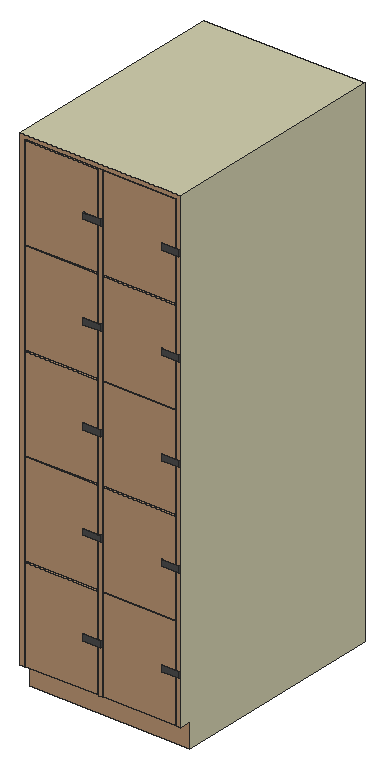
Revit family "Cabinet_Wenger_UltraStor_05", category Furniture, Revit 2015
Parameters (values of type "UltraStor Cabinet #05 - Comp Wood Doors")
  URL = "https://www.wengercorp.com/"
  Type Comments = ""
  Specification = "http://www.arcat.com/sdspecs/htm04/12_35_83wen.htm"
  Shelf Thickness = 0' - 1 1/8"
  Sales Information = "https://www.wengercorp.com/contact-us.php"
  Revision = "R1_2018-04"
  Rear Panel Thickness = 0' - 0 3/4"
  Product Data = "http://www.arcat.com/arcatcos/cos36/arc36487.html"
  Manufacturer Website = "https://www.wengercorp.com/"
  Manufacturer Phone - Toll Free = "800-4WENGER"
  Manufacturer Phone = "(507) 455-4100"
  Manufacturer Fax = "(507) 455-4258"
  Manufacturer Address = "555 Park Dr., Owatonna, MN 55060"
  Keynote = "12 35 83"
  HasDoors = yes
  Green Building-LEED = "http://www.arcat.com/green/clients/leed_data_36487.html"
  Drawn By = "Sumex Design, Inc. / Robert S. Weygant, CSI, CDT, SCIP"
  Door Width = (Cabinet Width - 0' 2 1/4") / 2  # 1' - 0 5/8"
  Door Style = Door_Base : Solid Door
  Door Material [instance] = Wenger Cherry (Use Cherry Edge Band Only)
  Door Height = (Cabinet Height - 0' 4 3/4") / 5  # 1' - 4.175"
  Toe Kick Material [instance] = Wenger Cherry (Use Cherry Edge Band Only)
  RH End Panel [instance] = no
  Model = "#05"
  Manufacturer = "Wenger Corporation"
  LH End Panel [instance] = no
  End Panel Material [instance] = Wenger Cherry (Use Cherry Edge Band Only)
  Edge Banding Material [instance] = Wenger Cherry (Use Cherry Edge Band Only)
  Cost = 0
  Copyright = "© 2018 Arcat Inc."
  Construction Details = "http://www.arcat.com/details/wengerco/wengerco.html?coid=36487"
  Body Material [instance] = Wenger - Oyster
  Description = "Wenger UltraStor Cabinet #05 - Comp Wood Doors"
  Cabinet Width = 2' - 3 1/2"
  Cabinet Height = 7' - 1 5/8"
  Installed Depth = 3' - 3 1/4"
  Cabinet Panel Thickness = 0' - 0 3/4"
  Assembly Code = "E2010200"
Types (14): name | Rear Panel Thickness | HasDoors | Door Width | Door Style | Door Material | Model | Description | Cabinet Width | Installed Depth
  Acoustic Cabinet #05 - No Doors | 0' - 3 1/4" | no | 1' - 0 5/8" | Door_Base : Solid Door | none | "#05A" | "Wenger Acoustic Cabinet #05 - No Doors" | 2' - 3 1/2" | 3' - 5 3/4"
  Narrow Acoustic Cabinet #05 - No Doors | 0' - 3 1/4" | no | 0' - 9 5/8" | Door_Base : Solid Door | none | "#05NA" | "Wenger Narrow Acoustic Cabinet #05 - No Doors" | 1' - 9 1/2" | 3' - 5 3/4"
  Acoustic Cabinet #05 - Comp Grille Doors | 0' - 3 1/4" | yes | 1' - 0 5/8" | Door_Base : Bars | Painted Black | "#05A" | "Wenger Acoustic Cabinet #05 - Comp Grille Doors" | 2' - 3 1/2" | 3' - 5 3/4"
  Acoustic Cabinet #05 - Comp Waterfall Grille Doors | 0' - 3 1/4" | yes | 1' - 0 5/8" | Door_Base : Waterfall | Painted Black | "#05A" | "Wenger Acoustic Cabinet #05 - Comp Waterfall Grille Doors" | 2' - 3 1/2" | 3' - 5 3/4"
  Narrow Acoustic Cabinet #05 - Comp Grille Doors | 0' - 3 1/4" | yes | 0' - 9 5/8" | Door_Base : Bars | Painted Black | "#05NA" | "Wenger Narrow Acoustic Cabinet #05 - Comp Grille Doors" | 1' - 9 1/2" | 3' - 5 3/4"
  Narrow Acoustic Cabinet #05 - Comp Waterfall Grille Doors | 0' - 3 1/4" | yes | 0' - 9 5/8" | Door_Base : Waterfall | Painted Black | "#05NA" | "Wenger Narrow Acoustic Cabinet #05 - Comp Waterfall Grille Doors" | 1' - 9 1/2" | 3' - 5 3/4"
  Narrow UltraStor Cabinet #05 - Comp Waterfall Grille Doors | 0' - 0 3/4" | yes | 0' - 9 5/8" | Door_Base : Waterfall | Painted Black | "#05N" | "Wenger Narrow Cabinet #05 - Comp Waterfall Grille Doors" | 1' - 9 1/2" | 3' - 3 1/4"
  UltraStor Cabinet #05 - No Doors | 0' - 0 3/4" | no | 1' - 0 5/8" | Door_Base : Solid Door | none | "#05" | "Wenger UltraStor Cabinet #05 - No Doors" | 2' - 3 1/2" | 3' - 3 1/4"
  UltraStor Cabinet #05 - Comp Grille Doors | 0' - 0 3/4" | yes | 1' - 0 5/8" | Door_Base : Bars | Painted Black | "#05" | "Wenger UltraStor Cabinet #05 - Comp Grille Doors" | 2' - 3 1/2" | 3' - 3 1/4"
  UltraStor Cabinet #05 - Comp Waterfall Grille Doors | 0' - 0 3/4" | yes | 1' - 0 5/8" | Door_Base : Waterfall | Painted Black | "#05" | "Wenger UltraStor Cabinet #05 - Comp Waterfall Grille Doors" | 2' - 3 1/2" | 3' - 3 1/4"
  Narrow UltraStor Cabinet #05 - Comp Wood Doors | 0' - 0 3/4" | yes | 0' - 9 5/8" | Door_Base : Solid Door | Wenger Cherry (Use Cherry Edge Band Only) | "#05N" | "Wenger Narrow Cabinet #05 - Comp Wood Doors" | 1' - 9 1/2" | 3' - 3 1/4"
  Narrow UltraStor Cabinet #05 - Comp Grille Doors | 0' - 0 3/4" | yes | 0' - 9 5/8" | Door_Base : Bars | Painted Black | "#05N" | "Wenger Narrow Cabinet #05 - Comp Grille Doors" | 1' - 9 1/2" | 3' - 3 1/4"
  UltraStor Cabinet #05 - Comp Wood Doors | 0' - 0 3/4" | yes | 1' - 0 5/8" | Door_Base : Solid Door | Wenger Cherry (Use Cherry Edge Band Only) | "#05" | "Wenger UltraStor Cabinet #05 - Comp Wood Doors" | 2' - 3 1/2" | 3' - 3 1/4"
  Narrow UltraStor Cabinet #05 - No Doors | 0' - 0 3/4" | no | 0' - 9 5/8" | Door_Base : Solid Door | none | "#05N" | "Wenger Narrow Cabinet #05 - No Doors" | 1' - 9 1/2" | 3' - 3 1/4"
Reference planes (in)
  plane 1 "Front": y = 0
  plane 2: z = 0
  plane 3 "Left": x = 0
  plane 4 "Right": x = 27.5
  plane 5 "Back": y = 39.25
  plane 6 "Top": z = 85.625
  plane 7: z = 4
  plane 8: z = 20.175
  plane 9: z = 36.35
  plane 10: z = 52.525
  plane 11: z = 68.7
  plane 12: x = 0.75
  plane 13: x = 26.75
  plane 14: z = 84.875
  plane 15: x = 13.375
  plane 16: x = 14.125
  plane 17: y = 38.5
  plane 18: y = 2
  plane 19: y = 0.75
  plane 20: z = 21.3
  plane 21: z = 37.475
  plane 22: z = 53.65
  plane 23: z = 69.825
  plane 24: z = 5.125
Forms (in)
  Extrusion 1, solid, material "Wenger - Oyster" <- "Body Material"
    sketch origin (0, 0, 0) x (0, 1, 0) y (0, 0, 1)
      loop
        line (0, 85.625) -> (0, 4) -> (2, 4) -> (2, 0) -> (39.25, 0) -> (39.25, 85.625) -> (0, 85.625)
    from 0 to 27.5
  Extrusion 2, void
    sketch origin (0, 0, 0) x (0, 1, 0) y (0, 0, 1)
      loop
        line (-5.5, 84.875) -> (-5.5, 4) -> (0.75, 4)
        arc (0.75, 4) -> (1.15915, 4.80234) -> (2, 5.125) r 1.25694
        line (2, 5.125) -> (38.5, 5.125) -> (38.5, 20.175) -> (0.75, 20.175)
        arc (0.75, 20.175) -> (1.18296, 20.95088) -> (2, 21.3) r 1.375
        line (2, 21.3) -> (38.5, 21.3) -> (38.5, 36.35) -> (0.75, 36.35)
        arc (0.75, 36.35) -> (1.18296, 37.12588) -> (2, 37.475) r 1.375
        line (2, 37.475) -> (38.5, 37.475) -> (38.5, 52.525) -> (0.75, 52.525)
        arc (0.75, 52.525) -> (1.18296, 53.30088) -> (2, 53.65) r 1.375
        line (2, 53.65) -> (38.5, 53.65) -> (38.5, 68.7) -> (0.75, 68.7)
        arc (0.75, 68.7) -> (1.18296, 69.47588) -> (2, 69.825) r 1.375
        line (2, 69.825) -> (38.5, 69.825) -> (38.5, 84.875) -> (-5.5, 84.875)
    from 0.75 to 13.375
  Extrusion 3, void
    sketch origin (0, 0, 0) x (0, 1, 0) y (0, 0, 1)
      loop
        line (-5.5, 84.875) -> (-5.5, 4) -> (0.75, 4)
        arc (0.75, 4) -> (1.18296, 4.77588) -> (2, 5.125) r 1.375
        line (2, 5.125) -> (38.5, 5.125) -> (38.5, 20.175) -> (0.75, 20.175)
        arc (0.75, 20.175) -> (1.18296, 20.95088) -> (2, 21.3) r 1.375
        line (2, 21.3) -> (38.5, 21.3) -> (38.5, 36.35) -> (0.75, 36.35)
        arc (0.75, 36.35) -> (1.18296, 37.12588) -> (2, 37.475) r 1.375
        line (2, 37.475) -> (38.5, 37.475) -> (38.5, 52.525) -> (0.75, 52.525)
        arc (0.75, 52.525) -> (1.18296, 53.30088) -> (2, 53.65) r 1.375
        line (2, 53.65) -> (38.5, 53.65) -> (38.5, 68.7) -> (0.75, 68.7)
        arc (0.75, 68.7) -> (1.18296, 69.47588) -> (2, 69.825) r 1.375
        line (2, 69.825) -> (38.5, 69.825) -> (38.5, 84.875) -> (-5.5, 84.875)
    from 14.125 to 26.75
  Extrusion 4, void
    sketch origin (0, 0, 0) x (0, 1, 0) y (0, 0, 1)
      loop
        line (0, 84.875) -> (0, 4) -> (0.0625, 4) -> (0.0625, 84.875) -> (0, 84.875)
    from 0.75 to 26.75
Cuts and joins
  Extrusion 2, Extrusion 3, Extrusion 4 cuts Extrusion 1
Lines and regions (in)
  Masking region 1
    outline origin (0, 0, 0) x (1, 0, 0) y (0, 1, 0)
      loop
        line (0, 39.25) -> (0, 0) -> (27.5, 0) -> (27.5, 39.25) -> (0, 39.25)
Dimensions and locks (in)
  "Cabinet Panel Thickness": plane 3 "Left" to plane 12
  "Cabinet Panel Thickness": plane 13 to plane 4 "Right"
  "Cabinet Panel Thickness": plane 5 "Back" to plane 17
  locked: plane 1 "Front" to plane 19 at 0.75
  locked: plane 1 "Front" to plane 18 at 2
  "Shelf Thickness": plane 20 to plane 8
  "Shelf Thickness": plane 21 to plane 9
  "Shelf Thickness": plane 22 to plane 10
  "Shelf Thickness": plane 23 to plane 11
  "Cabinet Panel Thickness": plane 6 "Top" to plane 14
  equal spacing: plane 14, plane 11, plane 10, plane 9, plane 8, plane 7
  "Shelf Thickness": plane 24 to plane 7
  "Cabinet Width": plane 3 "Left" to plane 4 "Right"
  locked: plane 7 to level at 4
  "Cabinet Height": plane 6 "Top" to level
  "Installed Depth": plane 1 "Front" to plane 5 "Back"
  "Door Width": plane 15 to plane 12
  "Door Width": plane 13 to plane 16
  plane 3 "Left" to plane 4 "Right" = 2' - 3 1/2"
  equal spacing: plane 5 "Back", nested 2, plane 1 "Front"
  equal spacing: plane 15, nested 2, plane 16
  aligned and locked: Extrusion 1 sketch curve to plane 6 "Top"
  aligned and locked: Extrusion 1 sketch curve to plane 5 "Back"
  aligned and locked: Extrusion 1 sketch curve to plane 1 "Front"
  aligned and locked: Extrusion 1 sketch curve to plane 7
  aligned and locked: Extrusion 1 sketch curve to plane 18
  aligned and locked: Extrusion 1 sketch curve to level
  aligned and locked: Extrusion 1 to plane 4 "Right"
  aligned and locked: Extrusion 1 to plane 3 "Left"
  aligned and locked: Extrusion 2 sketch curve to plane 14
  aligned and locked: Extrusion 2 sketch curve to plane 17
  aligned and locked: Extrusion 2 sketch curve to plane 11
  aligned and locked: Extrusion 2 sketch curve to plane 22
  aligned and locked: Extrusion 2 sketch curve to plane 10
  aligned and locked: Extrusion 2 sketch curve to plane 21
  aligned and locked: Extrusion 2 sketch curve to plane 9
  aligned and locked: Extrusion 2 sketch curve to plane 20
  aligned and locked: Extrusion 2 sketch curve to plane 8
  aligned and locked: Extrusion 2 sketch curve to plane 24
  aligned and locked: Extrusion 2 sketch curve to plane 23
  aligned and locked: Extrusion 2 to plane 12
  aligned and locked: plane 15 to Extrusion 2
  aligned and locked: Extrusion 3 to plane 13
  aligned and locked: Extrusion 3 to plane 16
  aligned and locked: Extrusion 4 sketch curve to cut or joined group of Extrusion 1, Extrusion 2, Extrusion 3, Extrusion 4  (x3)
  aligned and locked: Extrusion 4 to plane 13
  aligned and locked: Extrusion 4 to plane 12
  aligned and locked: plane 10 to nested 8
  aligned and locked: nested 3 to plane 12
  aligned and locked: plane 15 to nested 3
  aligned and locked: nested 3 to plane 11
  aligned and locked: plane 14 to nested 3
  aligned and locked: cut or joined group of Extrusion 1, Extrusion 2, Extrusion 3, Extrusion 4 to plane 16
  aligned and locked: cut or joined group of Extrusion 1, Extrusion 2, Extrusion 3, Extrusion 4 to plane 13
  aligned and locked: plane 14 to nested 4
  aligned and locked: nested 4 to plane 11
  aligned and locked: plane 11 to cut or joined group of Extrusion 1, Extrusion 2, Extrusion 3, Extrusion 4
  aligned and locked: plane 11 to nested 6
  aligned and locked: plane 11 to nested 5
  aligned and locked: nested 6 to plane 10
  aligned and locked: nested 5 to plane 10
  aligned and locked: plane 10 to cut or joined group of Extrusion 1, Extrusion 2, Extrusion 3, Extrusion 4
  aligned and locked: plane 10 to nested 7
  aligned and locked: nested 7 to plane 9
  aligned and locked: plane 9 to nested 9
  aligned and locked: nested 8 to plane 9
  aligned and locked: plane 9 to nested 10
  aligned and locked: nested 9 to plane 8
  aligned and locked: plane 8 to nested 11
  aligned and locked: nested 10 to plane 8
  aligned and locked: plane 8 to nested 12
  aligned and locked: nested 12 to plane 13
  aligned and locked: nested 10 to plane 13
  aligned and locked: nested 8 to plane 13
  aligned and locked: nested 6 to plane 13
  aligned and locked: nested 4 to plane 13
  aligned and locked: nested 4 to plane 16
  aligned and locked: nested 6 to plane 16
  aligned and locked: nested 8 to plane 16
  aligned and locked: nested 10 to plane 16
  aligned and locked: nested 12 to plane 16
  aligned and locked: plane 15 to nested 11
  aligned and locked: plane 15 to nested 9
  aligned and locked: plane 15 to nested 7
  aligned and locked: plane 15 to nested 5
  aligned and locked: nested 5 to plane 12
  aligned and locked: nested 7 to plane 12
  aligned and locked: nested 9 to plane 12
  aligned and locked: nested 11 to plane 12
  aligned and locked: plane 7 to cut or joined group of Extrusion 1, Extrusion 2, Extrusion 3, Extrusion 4
  aligned and locked: nested 12 to plane 7
  aligned and locked: nested 11 to plane 7
  aligned and locked: plane 19 to Extrusion 2 sketch curve
  aligned and locked: plane 1 "Front" to nested 13
  aligned and locked: nested 13 to level
  aligned and locked: nested 13 to plane 4 "Right"
  aligned and locked: Masking region 1 sketch curve to plane 5 "Back"
  aligned and locked: Masking region 1 sketch curve to plane 1 "Front"
  aligned and locked: plane 3 "Left" to Masking region 1 sketch curve
  aligned and locked: plane 4 "Right" to Masking region 1 sketch curve
Automatic sketch dimensions
  Extrusion 3 sketch curve to plane 14 = 0' - 0"
  Extrusion 3 sketch curve to plane 7 = 0' - 0"
  Extrusion 3 sketch curve to plane 19 = 0' - 0"  (x5)
  Extrusion 3 sketch curve to plane 11 = 0' - 0"
  Extrusion 3 sketch curve to plane 8 = 0' - 0"
  Extrusion 3 sketch curve to plane 10 = 0' - 0"
  Extrusion 3 sketch curve to plane 9 = 0' - 0"
  Extrusion 3 sketch curve to plane 18 = 0' - 0"  (x5)
  Extrusion 3 sketch curve to plane 17 = 0' - 0"  (x5)
  Extrusion 3 sketch curve to plane 24 = 0' - 0"
  Extrusion 3 sketch curve to plane 20 = 0' - 0"
  Extrusion 3 sketch curve to plane 21 = 0' - 0"
  Extrusion 3 sketch curve to plane 22 = 0' - 0"
  Extrusion 3 sketch curve to plane 23 = 0' - 0"
  plane 1 "Front" to Extrusion 3 sketch curve = 0' - 5 1/2"
  Extrusion 3 sketch curve to plane 18 = 0' - 0.10279"  (x5)
  plane 19 to Extrusion 4 sketch curve = 0' - 0 11/16"
  Extrusion 2 sketch curve to plane 7 = 0' - 0"
  Extrusion 2 sketch curve to plane 19 = 0' - 0"  (x4)
  Extrusion 2 sketch curve to plane 18 = 0' - 0"  (x5)
  Extrusion 2 sketch curve to plane 17 = 0' - 0"  (x4)
  plane 1 "Front" to Extrusion 2 sketch curve = 0' - 5 1/2"
  Extrusion 2 sketch curve to plane 18 = 0' - 0.10279"  (x4)
Nested families (in)
  nested 1: "End Panel" at (0, 24.25, 0) x (0, -1, 0) z (0, 0, 1), End Panel Material <- "End Panel Material", visible <- "LH End Panel", Edge Banding Material <- "Edge Banding Material", type "End Panel"
    with End Panel Material Wenger Cherry (Use Cherry Edge Band Only), Edge Banding Material Wenger Cherry (Use Cherry Edge Band Only), End Panel Depth 3' - 3 1/4"
  nested 2: "Labels" at (13.75, 19.625, 0), type "Labels"
  nested 3: "Door_Base" at (7.0625, 0, 68.7) x (1, 0, 0) z (0, -1, 0), type <- "Door Style", Height <- "Door Height", Width <- "Door Width", visible <- "HasDoors", type "Solid Door", detail levels medium+fine
    with vBars 11, Width 1' - 0 5/8", ToeKick Height 0' - 4", MidBar no, Height 1' - 4.175", BarHt 1' - 3.675", 2HzBars no
  nested 4: "Door_Base" at (20.4375, 0, 68.7) x (1, 0, 0) z (0, -1, 0), type <- "Door Style", Height <- "Door Height", Width <- "Door Width", visible <- "HasDoors", type "Solid Door", detail levels medium+fine
    with vBars 11, Width 1' - 0 5/8", ToeKick Height 0' - 4", MidBar no, Height 1' - 4.175", BarHt 1' - 3.675", 2HzBars no
  nested 5: "Door_Base" at (7.0625, 0, 52.525) x (1, 0, 0) z (0, -1, 0), type <- "Door Style", Height <- "Door Height", Width <- "Door Width", visible <- "HasDoors", type "Solid Door", detail levels medium+fine
    with vBars 11, Width 1' - 0 5/8", ToeKick Height 0' - 4", MidBar no, Height 1' - 4.175", BarHt 1' - 3.675", 2HzBars no
  nested 6: "Door_Base" at (20.4375, 0, 52.525) x (1, 0, 0) z (0, -1, 0), type <- "Door Style", Height <- "Door Height", Width <- "Door Width", visible <- "HasDoors", type "Solid Door", detail levels medium+fine
    with vBars 11, Width 1' - 0 5/8", ToeKick Height 0' - 4", MidBar no, Height 1' - 4.175", BarHt 1' - 3.675", 2HzBars no
  nested 7: "Door_Base" at (7.0625, 0, 36.35) x (1, 0, 0) z (0, -1, 0), type <- "Door Style", Height <- "Door Height", Width <- "Door Width", visible <- "HasDoors", type "Solid Door", detail levels medium+fine
    with vBars 11, Width 1' - 0 5/8", ToeKick Height 0' - 4", MidBar no, Height 1' - 4.175", BarHt 1' - 3.675", 2HzBars no
  nested 8: "Door_Base" at (20.4375, 0, 36.35) x (1, 0, 0) z (0, -1, 0), type <- "Door Style", Height <- "Door Height", Width <- "Door Width", visible <- "HasDoors", type "Solid Door", detail levels medium+fine
    with vBars 11, Width 1' - 0 5/8", ToeKick Height 0' - 4", MidBar no, Height 1' - 4.175", BarHt 1' - 3.675", 2HzBars no
  nested 9: "Door_Base" at (7.0625, 0, 20.175) x (1, 0, 0) z (0, -1, 0), type <- "Door Style", Height <- "Door Height", Width <- "Door Width", visible <- "HasDoors", type "Solid Door", detail levels medium+fine
    with vBars 11, Width 1' - 0 5/8", ToeKick Height 0' - 4", MidBar no, Height 1' - 4.175", BarHt 1' - 3.675", 2HzBars no
  nested 10: "Door_Base" at (20.4375, 0, 20.175) x (1, 0, 0) z (0, -1, 0), type <- "Door Style", Height <- "Door Height", Width <- "Door Width", visible <- "HasDoors", type "Solid Door", detail levels medium+fine
    with vBars 11, Width 1' - 0 5/8", ToeKick Height 0' - 4", MidBar no, Height 1' - 4.175", BarHt 1' - 3.675", 2HzBars no
  nested 11: "Door_Base" at (7.0625, 0, 4) x (1, 0, 0) z (0, -1, 0), type <- "Door Style", Height <- "Door Height", Width <- "Door Width", visible <- "HasDoors", type "Solid Door", detail levels medium+fine
    with vBars 11, Width 1' - 0 5/8", ToeKick Height 0' - 4", MidBar no, Height 1' - 4.175", BarHt 1' - 3.675", 2HzBars no
  nested 12: "Door_Base" at (20.4375, 0, 4) x (1, 0, 0) z (0, -1, 0), type <- "Door Style", Height <- "Door Height", Width <- "Door Width", visible <- "HasDoors", type "Solid Door", detail levels medium+fine
    with vBars 11, Width 1' - 0 5/8", ToeKick Height 0' - 4", MidBar no, Height 1' - 4.175", BarHt 1' - 3.675", 2HzBars no
  nested 13: "End Panel" at (28.25, 24.25, 0) x (0, -1, 0) z (0, 0, 1), End Panel Material <- "End Panel Material", Edge Banding Material <- "Edge Banding Material", visible <- "RH End Panel", type "End Panel"
    with End Panel Material Wenger Cherry (Use Cherry Edge Band Only), Edge Banding Material Wenger Cherry (Use Cherry Edge Band Only), End Panel Depth 3' - 3 1/4"
Definition of nested family "End Panel"
  Parameters (values of type "End Panel")
    End Panel Material [instance] = none
    End Panel Height = 7' - 1 5/8"
    End Panel Depth = 1' - 9 3/4"
    Edge Banding Material [instance] = none
    Default Elevation = 4' - 0"
    Assembly Code = ""
  Reference planes (in)
    plane 1 "Center (Front/Back)": y = 0
    plane 2: z = 0
    plane 3 "Center (Left/Right)": x = 0
    plane 4: x = -15
    plane 5: x = 6.75
    plane 6: z = 4
    plane 7: x = 4.75
    plane 8: z = 85.625
    plane 9: y = -0.75
  Forms (in)
    Extrusion 1, solid, material <- "End Panel Material"
      sketch origin (0, 0, 0) x (1, 0, 0) y (0, 0, 1)
        loop
          line (-15, 85.625) -> (-15, 0) -> (4.75, 0) -> (4.75, 4) -> (6.75, 4) -> (6.75, 85.625) -> (-15, 85.625)
      from 0 to 0.75
  Lines and regions (in)
    Masking region 1, detail levels coarse+medium
      outline origin (0, 0, 0) x (1, 0, 0) y (0, 1, 0)
        loop
          line (-15, 0) -> (-15, -0.75) -> (6.75, -0.75) -> (6.75, 0) -> (-15, 0)
  Dimensions and locks (in)
    locked: plane 7 to plane 5 at 2
    locked: plane 6 to level at 4
    "End Panel Height": plane 8 to level
    "End Panel Depth": plane 5 to plane 4
    locked: plane 9 to plane 1 "Center (Front/Back)" at 0.75
    aligned and locked: plane 4 to Extrusion 1 sketch curve
    aligned and locked: level to Extrusion 1 sketch curve
    aligned and locked: plane 7 to Extrusion 1 sketch curve
    aligned and locked: plane 6 to Extrusion 1 sketch curve
    aligned and locked: Extrusion 1 sketch curve to plane 5
    aligned and locked: Extrusion 1 sketch curve to plane 8
    aligned and locked: Extrusion 1 to plane 9
    aligned and locked: Extrusion 1 to plane 1 "Center (Front/Back)"
    aligned and locked: plane 4 to Masking region 1 sketch curve
    aligned and locked: Masking region 1 sketch curve to plane 5
    aligned and locked: plane 1 "Center (Front/Back)" to Masking region 1 sketch curve
    aligned and locked: plane 9 to Masking region 1 sketch curve
Definition of nested family "Door_Base"
  Parameters (values of type "None")
    vBars [instance] = (Width - 0' 2") / 0' 1"  # 6
    Width [instance] = 0' - 8"
    ToeKick Height [instance] = 0' - 4"
    Thickness = 0' - 0 3/4"
    Solid Door = no
    Shelf Thickness = 0' - 0 3/4"
    Panel Thickness = 0' - 0 3/4"
    MidBar [instance] = and(Height < 1' 6", HasDoor, not(Solid Door))  # no
    Height [instance] = 1' - 2 5/8"
    HasDoor = no
    Edge Banding = none
    DoorGap = 0' - 0 1/8"
    Door Finish = none
    Depth = 2' - 0"
    Default Elevation = 4' - 0"
    Bars = no
    BarStyle = Bars : Waterfall
    BarHt [instance] = Height - 0' 0 1/2"  # 1' - 2 1/8"
    2HzBars [instance] = and(Height > 1' 6", not(Solid Door))  # no
  Types (4): name | Thickness | Solid Door | MidBar | HasDoor | Bars | BarStyle
    Solid Door | 0' - 0 3/4" | yes | no | yes | no | Bars : Waterfall
    Bars | 0' - 0 1/4" | no | yes | yes | yes | Bars : Straight
    Waterfall | 0' - 0 3/4" | no | yes | yes | yes | Bars : Waterfall
    None | 0' - 0 3/4" | no | no | no | no | Bars : Waterfall
  Reference planes (in)
    plane 1 "Center (Front/Back)": y = 0
    plane 2: z = 0
    plane 3 "Center (Left/Right)": x = 0
    plane 4: x = -4
    plane 5: y = 14.625
    plane 6: x = 4
    plane 7: z = -0.75
    plane 8: x = -3.875
    plane 9: x = 3.875
    plane 10: y = 0.125
    plane 11: y = 14.5
    plane 12: y = -0.75
    plane 13 "CL Elev": y = 7.3125
    plane 14: x = -3.75
    plane 15: x = 3.75
    plane 16 "BtmRail": y = 0.25
    plane 17: y = 14.375
    plane 18: z = -0.125
    plane 19: x = -2.75
    plane 20: x = 2.75
    plane 21: y = 9.66667
    plane 22: y = 4.95833
  Forms (in)
    Extrusion 1, solid, material <- "Door Finish", visible <- "Solid Door", detail levels medium+fine
      sketch origin (0, 0, 0) x (1, 0, 0) y (0, 1, 0)
        loop
          arc (-3.75, 14.5) -> (-3.83839, 14.46339) -> (-3.875, 14.375) r 0.125
          line (-3.875, 14.375) -> (-3.875, 0.25)
          arc (-3.875, 0.25) -> (-3.83839, 0.16161) -> (-3.75, 0.125) r 0.125
          line (-3.75, 0.125) -> (3.75, 0.125)
          arc (3.75, 0.125) -> (3.83839, 0.16161) -> (3.875, 0.25) r 0.125
          line (3.875, 0.25) -> (3.875, 14.375)
          arc (3.875, 14.375) -> (3.83839, 14.46339) -> (3.75, 14.5) r 0.125
          line (3.75, 14.5) -> (-3.75, 14.5)
      from 0 to -0.75
    Sweep 2, solid, material <- "Door Finish", visible <- "Bars", detail levels medium+fine
      path origin (0, 0, 0) x (1, 0, 0) y (0, 1, 0)
        loop
          arc (-3.125, 14.5) -> (-3.65533, 14.28033) -> (-3.875, 13.75) r 0.75
          line (-3.875, 13.75) -> (-3.875, 0.875)
          arc (-3.875, 0.875) -> (-3.65533, 0.34467) -> (-3.125, 0.125) r 0.75
          line (-3.125, 0.125) -> (3.125, 0.125)
          arc (3.125, 0.125) -> (3.65533, 0.34467) -> (3.875, 0.875) r 0.75
          line (3.875, 0.875) -> (3.875, 13.75)
          arc (3.875, 13.75) -> (3.65533, 14.28033) -> (3.125, 14.5) r 0.75
          line (3.125, 14.5) -> (-3.125, 14.5)
      profile origin (0, 14.5, 0) x (0, 1, 0) y (0, 0, 1)
        loop
          circle (-0.125, -0.125) r 0.125
    Extrusion 3, solid, material <- "Door Finish", visible <- "MidBar", detail levels medium+fine
      sketch origin (0, 0, 0) x (0, 1, 0) y (0, 0, 1)
        loop
          circle (7.3125, -0.125) r 0.125
      from -3.75 to 3.75
    Extrusion 4, solid, visible <- "HasDoor", detail levels fine
      sketch origin (0, 0, 0) x (1, 0, 0) y (0, 1, 0)
        loop
          line (1.5, 7.8125) -> (1.5, 6.8125) -> (4.5, 6.8125) -> (4.5, 7.8125) -> (1.5, 7.8125)
      from 0 to 0.125
    Extrusion 5, solid, material <- "Door Finish", visible <- "2HzBars", detail levels medium+fine
      sketch origin (0, 0, 0) x (0, 1, 0) y (0, 0, 1)
        loop
          circle (9.66667, -0.125) r 0.125
        loop
          circle (4.95833, -0.125) r 0.125
      from -3.75 to 3.75
  Lines and regions (in)
    symbolic lines, visible <- "HasDoor", detail levels medium+fine
      curve 1: line (4, 0.25, 0) -> (-4, 0.25, 0)
      curve 2: line (-4, 0.25, 0) -> (-4, 0.25, 8)
      curve 3: arc (4, 0.25, 0) -> (1.65685, 0.25, 5.65685) -> (-4, 0.25, 8) r 8
    symbolic lines, visible <- "HasDoor"
      curve 4: line (3.875, 0.25, 0) -> (3.875, 0.25, -0.75)
      curve 5: line (3.875, 0.25, -0.75) -> (-3.875, 0.25, -0.75)
      curve 6: line (-3.875, 0.25, -0.75) -> (-3.875, 0.25, 0)
    symbolic lines, detail levels medium
      curve 7: line (3.875, 14.5, 0) -> (-3.875, 7.3125, 0)
      curve 8: line (-3.875, 7.3125, 0) -> (3.875, 0.125, 0)
  Dimensions and locks (in)
    "Height": plane 1 "Center (Front/Back)" to plane 5
    "Thickness": level to plane 7
    equal spacing: plane 4, plane 3 "Center (Left/Right)", plane 6
    "Width": plane 4 to plane 6
    "DoorGap": plane 5 to plane 11
    "DoorGap": plane 9 to plane 6
    "DoorGap": plane 4 to plane 8
    "DoorGap": plane 1 "Center (Front/Back)" to plane 10
    "Shelf Thickness": plane 1 "Center (Front/Back)" to plane 12
    equal spacing: plane 1 "Center (Front/Back)", plane 13 "CL Elev", plane 5
    locked: plane 15 to plane 9 at 0.125
    locked: plane 8 to plane 14 at 0.125
    locked: plane 11 to plane 17 at 0.125
    locked: plane 16 "BtmRail" to plane 10 at 0.125
    locked: level to plane 18 at 0.125
    plane 19 to plane 14 = 0' - 1"
    locked: plane 15 to plane 20 at 1
    Extrusion 4 sketch curve to plane 13 "CL Elev" to Extrusion 4 sketch curve = 0' - 0 1/2" locked, 0' - 0 1/2" locked
    locked: plane 6 to Extrusion 4 sketch curve at 0.5
    locked: Extrusion 4 sketch curve to plane 6 at 2.5
    locked: Extrusion 4 to level at 0.125
    equal spacing: group 1, group 3, group 4, group 5, group 6, group 2  (x3)
    equal spacing: plane 17, plane 21, plane 22, plane 16 "BtmRail"
    "Width": radius of curve 3
    aligned and locked: plane 2 to level
    aligned and locked: Extrusion 1 sketch curve to plane 11
    aligned and locked: plane 8 to Extrusion 1 sketch curve
    aligned and locked: Extrusion 1 sketch curve to plane 9
    aligned and locked: plane 10 to Extrusion 1 sketch curve
    aligned and locked: Extrusion 1 to plane 7
    aligned and locked: level to Extrusion 1
    aligned and locked: Sweep 2 sketch curve to plane 11
    aligned and locked: plane 8 to Sweep 2 sketch curve
    aligned and locked: plane 10 to Sweep 2 sketch curve
    aligned and locked: Sweep 2 sketch curve to plane 9
    aligned and locked: plane 15 to Extrusion 3
    aligned and locked: Extrusion 3 to plane 14
    aligned and locked: plane 20 to nested 2
    aligned and locked: plane 19 to nested 1
    aligned and locked: plane 21 to Extrusion 5 sketch curve
    aligned and locked: plane 18 to Extrusion 5 sketch curve  (x2)
    aligned and locked: plane 22 to Extrusion 5 sketch curve
    aligned and locked: Extrusion 5 to Extrusion 3  (x2)
    aligned and locked: plane 4 to curve 3  (x2)
    aligned and locked: level to curve 3
    aligned and locked: plane 7 to curve 5
    aligned and locked: Extrusion 1 to plane 8
    aligned and locked: plane 9 to Extrusion 1
    aligned and locked: plane 10 to curve 8
    aligned and locked: plane 9 to curve 8
    aligned and locked: plane 13 "CL Elev" to curve 8
    aligned and locked: plane 11 to curve 7
    aligned and locked: plane 9 to curve 7
  Automatic sketch dimensions
    plane 8 to Sweep 2 sketch curve = 0' - 0 3/4"  (x2)
    Sweep 2 sketch curve to plane 9 = 0' - 0 3/4"
    Sweep 2 sketch curve to Sweep 2 sketch curve = 0' - 0 3/4"
    Sweep 2 sketch curve to level = 0' - 0 1/8"
    profile plane to Sweep 2 sketch curve = 0' - 0 1/8"
    Extrusion 3 sketch curve to level = 0' - 0 1/8"
    Extrusion 3 sketch curve to plane 13 "CL Elev" = 0' - 0"
    curve 8 to plane 8 = 0' - 0"
    Extrusion 1 sketch curve to plane 14 = 0' - 0"  (x2)
    Extrusion 1 sketch curve to plane 15 = 0' - 0"  (x2)
    curve 5 to plane 9 = 0' - 0"
    curve 6 to plane 8 = 0' - 0"
    radius of Sweep 2 sketch curve = 0' - 0 1/8"
    radius of Extrusion 3 sketch curve = 0' - 0 1/8"
    radius of Extrusion 5 sketch curve = 0' - 0 1/8"  (x2)
  Nested families (in)
    nested 1: "Bars" at (-2.75, 0.25, -0.125) x (1, 0, 0) z (0, 1, 0), type <- "BarStyle", visible <- "Bars", type "Waterfall", detail levels fine
      with Lateral Deviation 0' - 1", Height 1' - 2 1/8"
    nested 2: "Bars" at (2.75, 0.25, -0.125) x (1, 0, 0) z (0, 1, 0), type <- "BarStyle", visible <- "Bars", type "Waterfall", detail levels fine
      with Lateral Deviation 0' - 1", Height 1' - 2 1/8"
    nested 3: "Bars" at (-1.65, 0.25, -0.125) x (1, 0, 0) z (0, 1, 0), type <- "BarStyle", visible <- "Bars", type "Waterfall", detail levels fine
      with Lateral Deviation 0' - 1", Height 1' - 2 1/8"
    nested 4: "Bars" at (-0.55, 0.25, -0.125) x (1, 0, 0) z (0, 1, 0), type <- "BarStyle", visible <- "Bars", type "Waterfall", detail levels fine
      with Lateral Deviation 0' - 1", Height 1' - 2 1/8"
    nested 5: "Bars" at (0.55, 0.25, -0.125) x (1, 0, 0) z (0, 1, 0), type <- "BarStyle", visible <- "Bars", type "Waterfall", detail levels fine
      with Lateral Deviation 0' - 1", Height 1' - 2 1/8"
    nested 6: "Bars" at (1.65, 0.25, -0.125) x (1, 0, 0) z (0, 1, 0), type <- "BarStyle", visible <- "Bars", type "Waterfall", detail levels fine
      with Lateral Deviation 0' - 1", Height 1' - 2 1/8"
  Definition of nested family "Bars"
    Parameters (values of type "Straight")
      WaterFall = no
      Straight = yes
      Lateral Deviation = 0' - 1 1/2"
      Height = 1' - 2 5/8"
      Default Elevation = 4' - 0"
      Bars = none
    Types (3): name | WaterFall | Straight
      (no name) | no | yes
      Waterfall | yes | no
      Straight | no | yes
    Reference planes (in)
      plane 1 "Center (Front/Back)": y = 0
      plane 2: z = 0
      plane 3 "Center (Left/Right)": x = 0
      plane 4: z = 14.625
      plane 5: z = 7.3125
      plane 6: x = 0.75
      plane 7: x = -0.75
      plane 8: z = 10.96875
      plane 9: z = 3.65625
    Forms (in)
      Sweep 1, solid, material <- "Bars", visible <- "WaterFall"
        path origin (0, 0, 0) x (1, 0, 0) y (0, 0, 1)
          loop
            arc (0, 0) -> (0.56057, 1.79006) -> (0.75, 3.65625) r 9.28711
            arc (0.75, 3.65625) -> (0.56057, 5.52244) -> (0, 7.3125) r 9.28711
        profile origin (0.56057, 0, 1.79006) x (-0.979603, 0, 0.200944) y (0, -1, 0)
          loop
            circle (0, 0) r 0.0625
      Sweep 2, solid, material <- "Bars", visible <- "WaterFall"
        path origin (0, 0, 14.625) x (-1, 0, 0) y (0, 0, -1)
          loop
            arc (0, 0) -> (0.56057, 1.79006) -> (0.75, 3.65625) r 9.28711
            arc (0.75, 3.65625) -> (0.56057, 5.52244) -> (0, 7.3125) r 9.28711
        profile origin (-0.56057, 0, 12.83494) x (0.979603, 0, -0.200944) y (0, -1, 0)
          loop
            circle (0, 0) r 0.0625
      Extrusion 3, solid, material <- "Bars", visible <- "Straight"
        sketch origin (0, 0, 0) x (1, 0, 0) y (0, 1, 0)
          loop
            circle (0, 0) r 0.0625
        from 0 to 14.625
    Dimensions and locks (in)
      "Height": plane 4 to level
      equal spacing: plane 6, plane 3 "Center (Left/Right)", plane 7
      "Lateral Deviation": plane 6 to plane 7
      equal spacing: plane 4, plane 8, plane 5, plane 9, level
      aligned and locked: plane 2 to level
      aligned and locked: plane 3 "Center (Left/Right)" to Sweep 1 sketch curve  (x2)
      aligned and locked: level to Sweep 1 sketch curve
      aligned and locked: plane 6 to Sweep 1 sketch curve
      aligned and locked: plane 9 to Sweep 1 sketch curve
      aligned and locked: plane 4 to Sweep 2 sketch curve
      aligned and locked: plane 3 "Center (Left/Right)" to Sweep 2 sketch curve  (x2)
      aligned and locked: plane 8 to Sweep 2 sketch curve
      aligned and locked: plane 7 to Sweep 2 sketch curve
      aligned and locked: plane 5 to Sweep 2 sketch curve
      aligned and locked: plane 4 to Extrusion 3
      aligned and locked: Extrusion 3 to level
    Automatic sketch dimensions
      plane 1 "Center (Front/Back)" to Sweep 1 sketch curve = 0' - 0"
      Sweep 1 sketch curve to profile plane = 0' - 0"
      Sweep 1 sketch curve to Sweep 1 sketch curve = 0' - 0"
      Sweep 2 sketch curve to plane 1 "Center (Front/Back)" = 0' - 0"
      Sweep 2 sketch curve to profile plane = 0' - 0"
      plane 1 "Center (Front/Back)" to Extrusion 3 sketch curve = 0' - 0"
      Extrusion 3 sketch curve to plane 3 "Center (Left/Right)" = 0' - 0"
      radius of Sweep 1 sketch curve = 0' - 0 1/16"
      radius of Sweep 2 sketch curve = 0' - 0 1/16"
      radius of Extrusion 3 sketch curve = 0' - 0 1/16"
Definition of nested family "Labels"
  Parameters
    Cabinet Label = "01"
  Reference planes (in)
    plane 1: y = 0
    plane 2: x = 0
  Text (in)
    label "xxxx" at (-0.00018, 0.00754, 0), shows "Cabinet Label"
